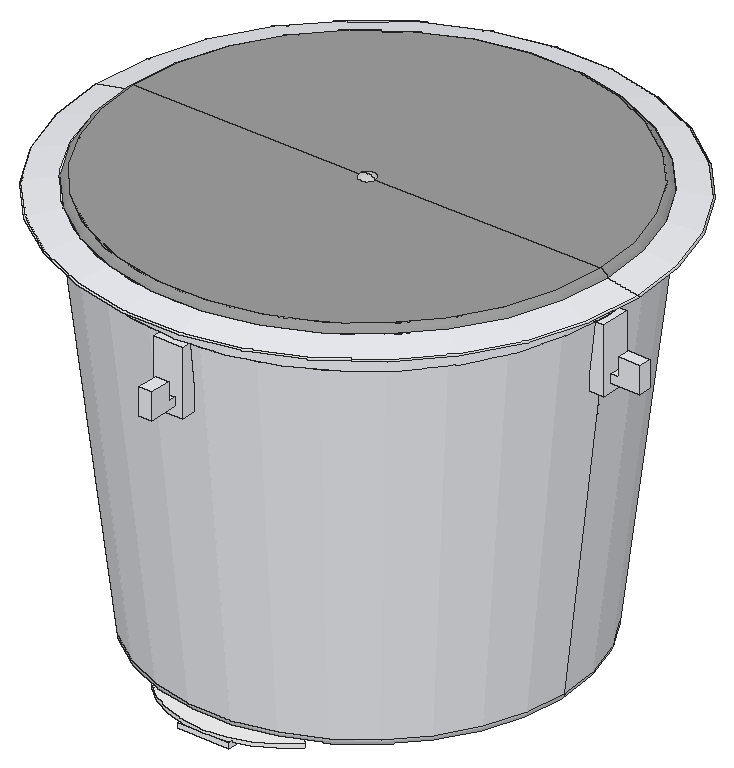
Revit family "FAPSUB-1", category Communication Devices, Revit 2014
Parameters (values of type "Two Way, Full Range, Coaxial Ceiling Loudspeaker")
  Width = 15.75"
  Warranty = "5 Year"
  Vertical Symmetry = yes
  URL = "www.atlassound.com"
  Transformer Option = yes
  Specification by User (default) = "TBD"
  Speaker Type = "S1"
  Speaker Listening Height [instance] = 30.00"
  Speaker Height [instance] = 120.00"
  Speaker Dispersion = 120.00°
  Speaker Cone Visible [instance] = no
  Speaker Cone Height [instance] = (Speaker Height - Speaker Listening Height)  # 90.00"
  Sensitivity = 89
  ScheduleType |RF| = "AtlasIED Master"
  Safety Agency Ratings = "UL Listed to Comply with UL1480"
  SPL Max = 107
  Regulatory Compliance = "UL Listed to Comply with UL1480"
  Radius of Speaker Cone [instance] = (Speaker Cone Height) * tan(Speaker Dispersion / 2)  # 155.88457"
  Product Page URL = "https://www.atlasied.com/fapsub-1"
  Product Documentation Link = "https://www.atlasied.com/f/1868/FAPSUB_RevBData.pdf"
  Power Rating (RMS) = "100 Watts"
  Power Handling = 100
  OmniClass Title = "SPEAKERS"
  OmniClass Number = "23-37 17 13 19"
  Mount Material = QF_Plastic - White - Smooth
  Model = "FABSUB-1"
  MaterFormat Title = "SPEAKERS"
  MasterFormat = "27 41 13"
  Manufacturer URL = "https://www.atlasied.com/"
  Manufacturer Phone = "(800) 876 - 3333"
  Manufacturer Email = "support@atlasied.com"
  Manufacturer Address = "4545 E. Baseline Rd., Phoenix, AZ 85042"
  Manufacturer = "ATLAS SOUND"
  Input Connectors = "4 Pole Detachable Phoenix / Euro Style Connector Allows Easy Pre-Wiring"
  Ingress Protection = "IP-21"
  Impedance = 8
  IQ Category = "SPEAKERS"
  Height = 12.75"
  Grill Material = QF_Plastic - Black - Fine Textured
  Frequency Response  = "45Hz – 120Hz (±10dB),55Hz – 100Hz (±6dB)"
  Family Version [instance] = "2017-01"
  Family Code (default) = "LOUD SPEAKERS"
  Enclosure Material = none
  Dispersion Angle = 90.00°
  Description = "8\" TUNED PORTED IN-CEILING SUBWOOFER WITH 60-WATT 70V/100V TRANSFORMER"
  Coverage Vertical = 110.00°
  Coverage Horizontal = 110.00°
  Cost MSRP = 267.99
  Cost = 267.99
  Controls = "Front Mounted Tap Selector Switch."
  Color = none
  Body Material = QF_Plastic - White - Smooth
  Baffle Material = none
  70V Taps = "1.9, 3.8, 7.5, 15, 30, 60 Watts & 8Ω"
  100V Taps = "1.9, 3.8, 7.5, 15, 30, 60 Watts & 8Ω"
Reference planes (in)
  plane 1 "Center (Front/Back)": y = 0
  plane 2: z = 0
  plane 3 "Center (Left/Right)": x = 0
  plane 4: z = 0.55
  plane 5: z = -8.76
  plane 6: y = 5.17184
  plane 7: y = -5.25
  plane 8: z = 0.38172
  plane 9: z = -0.75
  plane 10: z = -12.75
  plane 11: x = 7.875
  plane 12: x = -7.875
  plane 13: x = 7
  plane 14: x = -7
Forms (in)
  Revolve 1, solid, material "QF_Plastic - White - Smooth" <- "Mount Material"
    sketch origin (0, 0, 0) x (1, 0, 0) y (0, 0, 1)
      loop
        line (0, -0.75) -> (0, 0.21227) -> (-6.98569, 0.21227)
        arc (-6.98569, 0.21227) -> (-7.4174, 0.12916) -> (-7.84741, 0.03769) r 22.63754
        arc (-7.84741, 0.03769) -> (-7.8683, 0.02404) -> (-7.875, 0) r 0.03543
        line (-7.875, 0) -> (-7, 0) -> (-7, -0.75) -> (0, -0.75)
      axis (0, 0.21227) -> (0, -0.75)
    angle from 0 to 360
  Revolve 2, solid, material "QF_Plastic - Black - Fine Textured" <- "Grill Material"
    sketch origin (0, 0, 0) x (1, 0, 0) y (0, 0, 1)
      loop
        line (0, 0.21227) -> (0, 0.38172) -> (0, 0.45737)
        arc (0, 0.45737) -> (-0.12114, 0.44524) -> (-0.225, 0.38172) r 0.27343
        line (-0.225, 0.38172) -> (-6.78374, 0.38172)
        arc (-6.78374, 0.38172) -> (-6.89952, 0.31463) -> (-6.98569, 0.21227) r 0.38882
        line (-6.98569, 0.21227) -> (0, 0.21227)
      axis (0, 0.45737) -> (0, 0.21227)
    angle from 0 to 360
  Revolve 3, solid, material "QF_Plastic - White - Smooth" <- "Body Material"
    sketch origin (0, 0, 0) x (1, 0, 0) y (0, 0, 1)
      loop
        line (0, -0.75) -> (-7, -0.75) -> (-5.73727, -11.03411)
        arc (-5.73727, -11.03411) -> (-5.66973, -11.16913) -> (-5.53678, -11.24065) r 0.25
        arc (-5.53678, -11.24065) -> (-4.03634, -11.43751) -> (-2.52328, -11.46443) r 13.43767
        line (-2.52328, -11.46443) -> (0, -11.46443) -> (0, -0.75)
      axis (0, -0.75) -> (0, -11.46443)
    angle from 0 to 360
  Extrusion 4, solid, material "QF_Plastic - White - Smooth"
    sketch origin (0, 0, -0.75) x (0, 1, 0) y (1, 0, 0)
      loop
        line (0.40934, -7.21227) -> (0.40934, -6.79817) -> (-0.44066, -6.79817) -> (-0.44066, -7.21227) -> (0.40934, -7.21227)
      loop
        line (0.40934, 7.21227) -> (-0.44066, 7.21227) -> (-0.44066, 6.79817) -> (0.40934, 6.79817) -> (0.40934, 7.21227)
      loop
        line (7.21558, 0.41845) -> (6.79819, 0.41845) -> (6.79819, -0.43155) -> (7.21558, -0.43155) -> (7.21558, 0.41845)
      loop
        line (-7.21558, 0.41845) -> (-7.21558, -0.43155) -> (-6.79819, -0.43155) -> (-6.79819, 0.41845) -> (-7.21558, 0.41845)
    from 0 to 1.85886
  Extrusion 5, solid, material "QF_Plastic - White - Smooth"
    sketch origin (-3.78297, -0.44066, -0.75) x (-1, 0, 0) y (0, 0, -1)
      loop
        line (4.28853, 1.61) -> (3.07008, 1.61) -> (3.07008, 1.36) -> (3.66353, 1.36) -> (3.66353, 0.86) -> (4.28853, 0.86) -> (4.28853, 1.61)
      loop
        line (-11.85447, 1.61) -> (-11.85447, 0.86) -> (-11.22947, 0.86) -> (-11.22947, 1.36) -> (-10.63601, 1.36) -> (-10.63601, 1.61) -> (-11.85447, 1.61)
    from -0.2375 to -0.6125
  Extrusion 6, solid, material "QF_Plastic - White - Smooth"
    sketch origin (-0.425, 3.7673, -0.75) x (0, 1, 0) y (0, 0, -1)
      loop
        line (4.2952, 1.61) -> (3.07674, 1.61) -> (3.07674, 1.36) -> (3.6702, 1.36) -> (3.6702, 0.86) -> (4.2952, 0.86) -> (4.2952, 1.61)
      loop
        line (-11.8298, 1.61) -> (-11.8298, 0.86) -> (-11.2048, 0.86) -> (-11.2048, 1.36) -> (-10.61135, 1.36) -> (-10.61135, 1.61) -> (-11.8298, 1.61)
    from -0.2375 to -0.6125
  Extrusion 7, solid, material "QF_Plastic-White-Smooth"
    sketch origin (-6.66586, -182.6875, -12.75) x (-1, 0, 0) y (0, -1, 0)
      loop
        arc (-4.43618, -177.65197) -> (-6.65155, -176.73434) -> (-8.86692, -177.65197) r 3.133
        line (-8.86692, -177.65197) -> (-7.28455, -179.23434) -> (-6.01855, -179.23434) -> (-4.43618, -177.65197)
    from 1.37374 to 1.27559
  Extrusion 8, solid, material "QF_Plastic-White-Smooth"
    sketch origin (0.36869, -3.45316, -12.75) x (-1, 0, 0) y (0, 0, 1)
      loop
        line (1.016, 1.27559) -> (-0.26405, 1.27559) -> (-0.26405, 0.25)
        arc (-0.26405, 0.25) -> (-0.19083, 0.07322) -> (-0.01405, 0) r 0.25
        line (-0.01405, 0) -> (0.766, 0)
        arc (0.766, 0) -> (0.94278, 0.07322) -> (1.016, 0.25) r 0.25
        line (1.016, 0.25) -> (1.016, 1.27559)
      loop
        circle (0.37645, 0.37996) r 0.25
    from 0 to 0.13
  Extrusion 9, solid, material "QF_Plastic-White-Smooth"
    sketch origin (-6.66586, -182.6875, -11.47441) x (0, -1, 0) y (-1, 0, 0)
      loop
        line (-177.87354, -5.91901) -> (-177.86412, -7.41908) -> (-176.74282, -7.4121) -> (-176.75224, -5.91214) -> (-177.87354, -5.91901)
      loop
        line (-178.06464, -7.43003) -> (-178.07418, -5.91139) -> (-178.8591, -5.98561) -> (-178.85043, -7.36558) -> (-178.06464, -7.43003)
    from 0 to 0.13
  Blend 10, solid, material "Glass", visible <- "Speaker Cone Visible"
    base sketch origin (0, 0, 0) x (1, 0, 0) y (0, 1, 0)
      loop
        circle (0, 0.09521) r 155.88457
    top sketch origin (0, 0, 0) x (1, 0, 0) y (0, 1, 0)
      loop
        circle (0, 0.09521) r 0.13513
    from 90 <- "Speaker Cone Height" to 0
  Blend 11, solid, material "Glass", visible <- "Speaker Cone Visible"
    base sketch origin (0, 0, 0) x (1, 0, 0) y (0, 1, 0)
      loop
        circle (0, 0.09521) r 155.88457
    top sketch origin (0, 0, 0) x (1, 0, 0) y (0, 1, 0)
      loop
        circle (0, 0.09521) r 0.13513
    from 90 <- "Speaker Cone Height" to 0
Lines and regions (in)
  symbolic lines
    curve 1: circle (0, 0, 0) r 7.875 normal (0, 0, 1)
    curve 2: circle (0, 0, 0) r 0.225 normal (0, 0, 1)
    curve 3: circle (0, 0, 0) r 6.98569 normal (0, 0, 1)
  symbolic lines, style "Sound Projection Average", visible <- "Speaker Cone Visible"
    curve 4: circle (0, 0.09521, 0) r 155.88457 normal (0, 0, 1)
Dimensions and locks (in)
  plane 2 to plane 5 = 8.76"
  level to plane 9 = 0.75"
  plane 6 to plane 7 = 10.42184"
  "Height": plane 2 to plane 10
  plane 14 to plane 13 = 14.00"
  "Width": plane 12 to plane 11
  "Radius of Speaker Cone": radius of Blend 10 sketch curve
  "Radius of Speaker Cone": radius of Blend 11 sketch curve
  aligned and locked: plane 2 to level
  aligned and locked: curve 4 to Blend 11
Automatic sketch dimensions
  Revolve 1 sketch curve to level = 0.00"
  plane 12 to Revolve 1 sketch curve = 0.00"
  Revolve 1 sketch curve to plane 9 = 0.00"
  plane 14 to Revolve 1 sketch curve = 0.00"
  Revolve 1 sketch curve to plane 3 "Center (Left/Right)" = 0.00"  (x2)
  level to Revolve 1 sketch curve = 0.00311"
  Revolve 1 sketch curve to plane 12 = 0.0353"
  Revolve 1 sketch curve to plane 14 = 0.01431"
  Revolve 1 sketch curve to plane 3 "Center (Left/Right)" = 2.92265"
  Revolve 1 sketch curve to plane 10 = 9.30766"
  Revolve 1 sketch curve to plane 8 = 0.16946"
  Revolve 1 sketch curve to plane 4 = 2.31194"
  Revolve 1 sketch curve to Revolve 1 sketch curve = 0.25"
  Revolve 2 sketch curve to plane 8 = 0.00"  (x2)
  Revolve 2 sketch curve to plane 3 "Center (Left/Right)" = 0.00"  (x2)
  Revolve 2 sketch curve to plane 3 "Center (Left/Right)" = 0.034"
  Revolve 2 sketch curve to Revolve 2 sketch curve = 0.225"
  level to Revolve 2 sketch curve = 0.01678"
  Revolve 2 sketch curve to plane 14 = 0.35041"
  Revolve 2 sketch curve to plane 14 = 0.21626"
  Revolve 2 sketch curve to plane 14 = 0.01431"
  Revolve 2 sketch curve to Revolve 2 sketch curve = 0.0262"
  Revolve 2 sketch curve to plane 4 = 2.31194"
  Revolve 2 sketch curve to Revolve 2 sketch curve = 0.25"
  Revolve 3 sketch curve to plane 9 = 0.00"
  plane 14 to Revolve 3 sketch curve = 0.00"
  Revolve 3 sketch curve to plane 3 "Center (Left/Right)" = 0.00"  (x2)
  Revolve 3 sketch curve to plane 14 = 1.26273"
  Revolve 3 sketch curve to Revolve 3 sketch curve = 0.24692"
  Revolve 3 sketch curve to plane 4 = 1.41326"
  Revolve 3 sketch curve to plane 3 "Center (Left/Right)" = 3.04122"
  Revolve 3 sketch curve to Revolve 3 sketch curve = 2.52328"
  plane 10 to Revolve 3 sketch curve = 1.755"
  Revolve 3 sketch curve to Revolve 3 sketch curve = 0.03911"
  plane 10 to Revolve 3 sketch curve = 1.28557"
  Revolve 3 sketch curve to plane 4 = 2.31194"
  Revolve 3 sketch curve to Revolve 3 sketch curve = 0.25"
  Extrusion 4 sketch curve to Revolve 1 = 7.21558"
  Extrusion 4 sketch curve to Extrusion 4 sketch curve = 0.4174"  (x2)
  Extrusion 4 sketch curve to Revolve 1 = 0.44066"  (x2)
  Revolve 1 to Extrusion 4 sketch curve = 0.40934"  (x2)
  Revolve 1 to Extrusion 4 sketch curve = 6.79819"
  Extrusion 4 sketch curve to Extrusion 4 sketch curve = 0.4141"  (x2)
  Extrusion 4 sketch curve to Extrusion 4 sketch curve = 6.37972"  (x2)
  Extrusion 4 sketch curve to Extrusion 4 sketch curve = 0.85"  (x2)
  Extrusion 4 sketch curve to Extrusion 4 sketch curve = 6.36663"
  Extrusion 5 sketch curve to plane 11 = 0.1965"
  plane 11 to Extrusion 5 sketch curve = 0.4285"
  plane 13 to Extrusion 5 sketch curve = 0.14696"
  Extrusion 5 sketch curve to plane 14 = 0.14696"
  Extrusion 5 sketch curve to plane 12 = 0.4285"
  plane 12 to Extrusion 5 sketch curve = 0.1965"
  Extrusion 5 sketch curve to plane 9 = 0.86"  (x2)
  Extrusion 5 sketch curve to Extrusion 5 sketch curve = 0.50"  (x2)
  Extrusion 5 sketch curve to Extrusion 5 sketch curve = 0.25"  (x2)
  Extrusion 6 sketch curve to plane 7 = 2.8125"
  Extrusion 6 sketch curve to Extrusion 6 sketch curve = 0.625"  (x2)
  Extrusion 6 sketch curve to Extrusion 6 sketch curve = 0.59345"  (x2)
  plane 6 to Extrusion 6 sketch curve = 1.67221"
  Extrusion 6 sketch curve to plane 9 = 0.86"  (x2)
  Extrusion 6 sketch curve to Extrusion 6 sketch curve = 0.50"  (x2)
  Extrusion 6 sketch curve to Extrusion 6 sketch curve = 0.25"  (x2)
  plane 7 to Extrusion 7 sketch curve = 0.21447"  (x2)
  plane 3 "Center (Left/Right)" to Extrusion 7 sketch curve = 2.20105"
  plane 3 "Center (Left/Right)" to Extrusion 7 sketch curve = 0.61869"
  Extrusion 7 sketch curve to plane 3 "Center (Left/Right)" = 0.01431"
  Extrusion 7 sketch curve to plane 3 "Center (Left/Right)" = 0.64731"
  plane 7 to Extrusion 7 sketch curve = 1.79684"
  Extrusion 7 sketch curve to Extrusion 7 sketch curve = 0.633"
  Extrusion 8 sketch curve to Extrusion 7 = 0.00"  (x2)
  Extrusion 8 sketch curve to Extrusion 8 sketch curve = 0.25"
  Extrusion 8 sketch curve to Extrusion 8 sketch curve = 0.38955"
  Extrusion 7 to Extrusion 8 sketch curve = 0.23595"
  Extrusion 8 sketch curve to Extrusion 7 = 0.01405"
  Extrusion 8 sketch curve to Extrusion 7 = 0.89562"
  Extrusion 8 sketch curve to Extrusion 8 sketch curve = 0.12996"
  Extrusion 7 to Extrusion 9 sketch curve = 0.37524"
  Extrusion 7 to Extrusion 9 sketch curve = 0.38391"
  Extrusion 9 sketch curve to Extrusion 9 sketch curve = 0.78492"
  Extrusion 9 sketch curve to Extrusion 9 sketch curve = 0.78579"
  Extrusion 9 sketch curve to Extrusion 9 sketch curve = 0.20064"
  Extrusion 9 sketch curve to Extrusion 9 sketch curve = 0.20052"
  Extrusion 9 sketch curve to Extrusion 9 sketch curve = 1.1213"  (x2)
  Extrusion 7 to Extrusion 9 sketch curve = 0.74459"
  Extrusion 9 sketch curve to Extrusion 9 sketch curve = 0.00075"
  Extrusion 9 sketch curve to Extrusion 9 sketch curve = 0.00762"
  Extrusion 9 sketch curve to Extrusion 9 sketch curve = 0.07422"
  Extrusion 9 sketch curve to Extrusion 9 sketch curve = 1.37997"
  Extrusion 9 sketch curve to Extrusion 9 sketch curve = 1.49996"
  Extrusion 9 sketch curve to Extrusion 9 sketch curve = 0.05349"
  Extrusion 9 sketch curve to Extrusion 9 sketch curve = 0.01095"
  Blend 10 sketch curve to plane 3 "Center (Left/Right)" = 0.00"  (x2)
  Blend 10 sketch curve to plane 1 "Center (Front/Back)" = 0.09521"  (x2)
  Blend 11 sketch curve to plane 3 "Center (Left/Right)" = 0.00"  (x2)
  Blend 11 sketch curve to plane 1 "Center (Front/Back)" = 0.09521"  (x2)
  curve 1 to curve 3 = 0.00"  (x2)
  curve 2 to curve 3 = 0.00"  (x2)
  plane 1 "Center (Front/Back)" to curve 2 = 0.00"
  curve 2 to plane 3 "Center (Left/Right)" = 0.00"
  radius of Extrusion 8 sketch curve = 0.25"
  radius of Blend 10 sketch curve = 0.13513"
  radius of Blend 11 sketch curve = 0.13513"
  radius of curve 1 = 7.875"
  radius of curve 2 = 0.225"
  radius of curve 3 = 6.98569"
Nested families (in)
  nested 1: "Speaker Annotation" at (0, 0, 0), Speaker Type <- "Speaker Type", type "Data Annotation"
    with Speaker Type "S1"
Definition of nested family "Speaker Annotation"
  Parameters (values of type "Data Annotation")
    Speaker Type [instance] = ""
  Reference planes (in)
    plane 1: y = 0
    plane 2: x = 0
  Lines and regions (in)
    detail lines, style "Data Device"
      curve 1: circle (-0.00295, 0.00032, 0) r 0.09489 normal (0, 0, 1)
  Text (in)
    label "S1" at (0.00193, -0.00496, 0), shows "Speaker Type"
